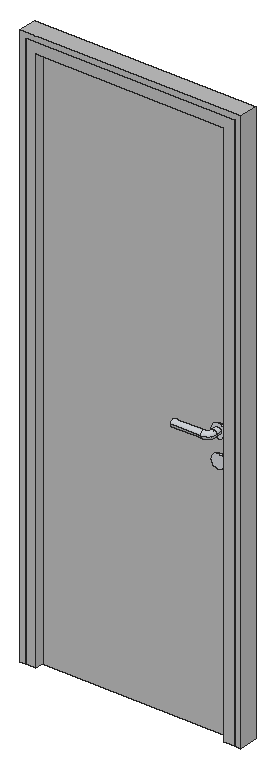
Revit family "BRU_Дверь_Однопольная_Стальная_Кл", category Двери, Revit 2021
Family settings
  Основа = Стена
  Номер OmniClass = 23.30.10.00
  Заголовок OmniClass = Doors
  Всегда вертикально = Да
  При загрузке вырезать с полостями = Нет
  Общий = Нет
  Точка принадлежности помещению = Нет
Parameters (values of type "ДСВ-О-Н 850х2100(h) Пр")
  Четверть сверху.Размер [instance] = 30 mm
  Четверть (есть/нет) [instance] = no
  Четверть сверху [instance] = if([Четверть (есть/нет)], Четверть сверху.Размер, 0 mm)  # 0 mm
  Четверть сбоку [instance] = if([Четверть (есть/нет)], Четверти сбоку.Размер, 0 mm)  # 0 mm
  Четверти сбоку.Размер [instance] = 30 mm
  Угол в плане 30 [instance] = yes
  Тонкая линия проема = yes
  Тип полотна двери = Полотно : Глухое
  Ручка двери = none
  Рама двери.Ширина справа = 80 mm
  Рама двери.Ширина слева = 80 mm
  Рама двери.Ширина внизу = 80 mm
  Рама двери.Ширина вверху = 80 mm
  Примерная_высота = Height - Монтажный зазор сверху.Толщина  # 2060 mm
  Полотно двери. Высота = Примерная_высота - Коробка.Ширина  # 2030 mm
  Площадь [instance] = Rough Width * Rough Height  # 1.5862 m²
  Откосы.Ширина [instance] = 530 mm
  Define Thermal Properties by = 1
  Fire Rating = ""
  О_Обозначение = ""
  О_Наименование = ""
  Монтажный зазор снизу.Толщина [instance] = 130 mm
  Монтажный зазор сверху.Толщина = 20 mm
  Коробка.Ширина = 30 mm
  Коробка.Толщина = 70 mm
  Правая = yes
  Полотно.Толщина = 40 mm
  Полотно двери = none
  Остекление двери = none
  Наличник.Ширина [instance] = 60 mm
  Наличник.Толщина [instance] = 10 mm
  Наличник снаружи (есть/нет) [instance] = no
  Наличник внутри (есть/нет) [instance] = no
  Монтажный зазор сбоку.Толщина = 20 mm
  Type Comments = ""
  Глубина выреза проема наружу [instance] = 200 mm
  Глубина выреза проема внутрь [instance] = 200 mm
  Глубина вставки двери [instance] = 0 mm
  Левая = not(Правая)  # no
  Защитное ограждение (есть/нет) = no
  Огибание наружных слоев [instance] = 0 mm
  Width = 810 mm
  Rough Width [instance] = Width - Монтажный зазор сбоку.Толщина * 2  # 770 mm
  Rough Height [instance] = Примерная_высота  # 2060 mm
  Группа модели = "Дверь глухая с порогом"
  Manufacturer = ""
  Wall Closure = (empty or 0)
  Height = 2080 mm
  Description = ""
  Тип конструкций = "Дверь стальная"
  Аналитическая конструкция = "<Нет>"
  BRU_ДверьТип = "BRU_Дверь_Однопольная_Стальная_Кладовки"
  ADSK_Этаж [instance] = ""
  ADSK_Толщина стены [instance] = 0 mm
  ADSK_Примечание [instance] = ""
  ADSK_Предел огнестойкости = "-"
  ADSK_Позиция [instance] = ""
  ADSK_Открывание = if(Правая, "Правая", "Левая")  # "Правая"
  ADSK_Обозначение = "ГОСТ 31173-2016"  # constant formula
  ADSK_Наименование краткое = ""
  ADSK_Наименование = "ДСВ-О-Н 850х2100(h)"
  ADSK_Масса_Текст = ""
  ADSK_Количество [instance] = 0
  ADSK_Код изделия = ""
  ADSK_Зона [instance] = ""
  ADSK_Завод-изготовитель = ""
  ADSK_Единица измерения = ""
  ADSK_Группирование [instance] = ""
  ADSK_URL страницы изделия = ""
  ADSK_URL документации изделия = ""
Types (2, lengths in mm): name | Правая | Левая | ADSK_Открывание
  ДСВ-О-Н 850х2100(h) Л | no | yes | "Левая"
  ДСВ-О-Н 850х2100(h) Пр | yes | no | "Правая"
Reference planes
  plane 1: y = 0
  plane 2 "По центру (Влево/Вправо)": x = 0
  plane 3 "Слева": x = -405
  plane 4 "Справа": x = 405
  plane 5: z = 2210
  plane 6 "Наружный": y = 300
  plane 7 "Внутренние": y = -300
  plane 8 "Вставка двери": y = 300
  plane 9 "Четверть слева": x = -405
  plane 10 "Четверть справа": x = 405
  plane 11 "Четверть сверху": z = 2210
  plane 12 "Полотно двери": y = 260
  plane 13 "Рама внутри": y = 230
  plane 14 "Монтажный зазор слева": x = -385
  plane 15 "Монтажный зазор справа": x = 385
  plane 16 "Монтажный зазор сверху": z = 2190
  plane 17 "Глубина огибания наружного слоя": y = 300
  plane 18: y = 310
  plane 19: x = 395
  plane 20: y = -310
  plane 21: x = -395
  plane 22: y = 500
  plane 23: y = -500
  plane 24 "2": z = 130
Forms (mm)
  Extrusion 1, void
    sketch origin (0, 0, 0) x (1, 0, 0) y (0, 1, 0)
      loop
        line (405, 300) -> (-405, 300) -> (-405, -500) -> (405, -500) -> (405, 300)
    from 0 to 2210
  Extrusion 2, void
    sketch origin (0, 0, 0) x (1, 0, 0) y (0, 1, 0)
      loop
        line (405, 500) -> (-405, 500) -> (-405, 300) -> (405, 300) -> (405, 500)
    from 0 to 2210
  Sweep 3, solid, material <- "Полотно двери", visible <- "Наличник снаружи (есть/нет)", detail levels fine
    path origin (0, 300, 0) x (1, 0, 0) y (0, 0, 1)
      loop
        line (-405, 130) -> (-405, 2210) -> (405, 2210) -> (405, 130)
    profile origin (-405, 300, 1170) x (-1, 0, 0) y (0, -1, 0)
      loop
        line (-10, 0) -> (-10, -5)
        arc (-10, -5) -> (-8.536, -8.536) -> (-5, -10) r 5
        line (-5, -10) -> (45, -10)
        arc (45, -10) -> (48.536, -8.536) -> (50, -5) r 5
        line (50, -5) -> (50, 0) -> (-10, 0)
  Sweep 4, solid, material <- "Полотно двери", visible <- "Наличник внутри (есть/нет)", detail levels fine
    path origin (0, -300, 0) x (1, 0, 0) y (0, 0, 1)
      loop
        line (-405, 130) -> (-405, 2210) -> (405, 2210) -> (405, 130)
    profile origin (-405, -300, 1170) x (-1, 0, 0) y (0, -1, 0)
      loop
        line (-20, 0) -> (40, 0) -> (40, 5)
        arc (40, 5) -> (38.536, 8.536) -> (35, 10) r 5
        line (35, 10) -> (-15, 10)
        arc (-15, 10) -> (-18.536, 8.536) -> (-20, 5) r 5
        line (-20, 5) -> (-20, 0)
  Sweep 5, solid, material <- "Полотно двери"
    path origin (0, 300, 0) x (-1, 0, 0) y (0, 0, 1)
      loop
        line (385, 130) -> (385, 2190) -> (-385, 2190) -> (-385, 130)
    profile origin (385, 300, 1160) x (0, 1, 0) y (-1, 0, 0)
      loop
        line (0, 0) -> (0, 30) -> (-40, 30) -> (-40, 40) -> (-70, 40) -> (-70, 0) -> (0, 0)
  Sweep 6, solid, material <- "Полотно двери", visible <- "Наличник снаружи (есть/нет)", detail levels fine
    path origin (0, 300, 0) x (-1, 0, 0) y (0, 0, 1)
      loop
        line (405, 130) -> (405, 2210) -> (-405, 2210) -> (-405, 130)
    profile origin (405, 300, 1170) x (0, 1, 0) y (-1, 0, 0)
      loop
        line (5, 0) -> (5, 10) -> (0, 10) -> (0, 0) -> (5, 0)
  Extrusion 7, solid, material <- "Полотно двери"
    sketch origin (-2514.822, 300, 1200) x (-1, 0, 0) y (0, 0, 1)
      loop
        line (-2919.822, 1010) -> (-2919.822, -1070) -> (-2898.822, -1070) -> (-2898.822, 989) -> (-2130.822, 989) -> (-2130.822, -1070) -> (-2109.822, -1070) -> (-2109.822, 1010) -> (-2919.822, 1010)
    from 0 to -70
Cuts and joins
  joined: Sweep 3, Sweep 6
Lines and regions (mm)
  Masking region 1, detail levels fine
    outline origin (0, 0, 0) x (0, 1, 0) y (0, 0, 1)
      loop
        line (230, 2150) -> (260, 2150) -> (260, 2160) -> (300, 2160) -> (300, 2190) -> (230, 2190) -> (230, 2150)
  Masking region 2, detail levels fine
    outline origin (0, 0, 0) x (0, 1, 0) y (0, 0, 1)
      loop
        line (300, 130) -> (300, 2160) -> (260, 2160) -> (260, 130) -> (300, 130)
  Masking region 3, detail levels fine
    outline origin (0, 0, 0) x (0, 1, 0) y (0, 0, 1)
      loop
        line (230, 2150) -> (230, 130) -> (260, 130) -> (260, 2150) -> (230, 2150)
  Masking region 4, detail levels coarse+medium
    outline origin (0, 0, 0) x (0, 1, 0) y (0, 0, 1)
      loop
        line (300, 130) -> (300, 2210) -> (230, 2210) -> (230, 130) -> (300, 130)
Text (mm)
  text "Наружный" at (-2295.016, 1099.543, 0), in view "Опорный уровень "
  text "Наружный" at (0, 1615.38, 3698.081), in view "Слева"
  text "Наружный" at (0, 1036.032, 3874.932), in view "Справа"
Dimensions and locks
  equal spacing: plane 14 "Монтажный зазор слева", plane 2 "По центру (Влево/Вправо)", plane 15 "Монтажный зазор справа"
  "Rough Width": plane 14 "Монтажный зазор слева" to plane 15 "Монтажный зазор справа"
  "Rough Height": plane 16 "Монтажный зазор сверху" to plane 24 "2"
  host wall to plane 5 = 2210 mm  (x2)
  locked: plane 6 "Наружный" to host wall
  locked: plane 7 "Внутренние" to host wall
  "Четверть сбоку": plane 3 "Слева" to plane 9 "Четверть слева"
  "Четверть сбоку": plane 10 "Четверть справа" to plane 4 "Справа"
  "Глубина вставки двери": plane 6 "Наружный" to plane 8 "Вставка двери"
  "Наличник.Ширина": Sweep 3 sketch curve to plane 21
  "Коробка.Толщина": plane 8 "Вставка двери" to plane 13 "Рама внутри"
  "Полотно.Толщина": plane 8 "Вставка двери" to plane 12 "Полотно двери"
  "Огибание наружных слоев": plane 6 "Наружный" to plane 17 "Глубина огибания наружного слоя"
  "Наличник.Ширина": Sweep 4 sketch curve to Sweep 4 sketch curve
  locked: Sweep 4 sketch curve to Sweep 4 sketch curve at 5  (x4)
  locked: Sweep 3 sketch curve to Sweep 3 sketch curve at 5
  "Коробка.Ширина": Sweep 5 sketch curve to profile plane
  locked: Sweep 5 sketch curve to Sweep 5 sketch curve at 10
  "Наличник.Толщина": plane 7 "Внутренние" to plane 20
  "Наличник.Толщина": plane 18 to plane 6 "Наружный"
  "Наличник.Толщина": plane 9 "Четверть слева" to plane 21
  "Наличник.Толщина": plane 19 to plane 10 "Четверть справа"
  locked: plane 18 to Sweep 3 sketch curve at 5  (x2)
  locked: Sweep 3 sketch curve to plane 21 at 5
  locked: plane 18 to Sweep 6 sketch curve at 5
  "Откосы.Ширина": plane 7 "Внутренние" to plane 13 "Рама внутри"
  equal spacing: plane 3 "Слева", plane 2 "По центру (Влево/Вправо)", plane 4 "Справа"
  "Width": plane 3 "Слева" to plane 4 "Справа"
  "Глубина выреза проема внутрь": plane 23 to plane 7 "Внутренние"
  "Глубина выреза проема наружу": plane 6 "Наружный" to plane 22
  locked: Extrusion 7 sketch curve to plane 15 "Монтажный зазор справа" at 1
  locked: Extrusion 7 sketch curve to plane 16 "Монтажный зазор сверху" at 1
  locked: plane 14 "Монтажный зазор слева" to Extrusion 7 sketch curve at 1
  "Монтажный зазор снизу.Толщина": level to plane 24 "2"
  "Монтажный зазор сверху.Толщина": plane 5 to plane 16 "Монтажный зазор сверху"
  "Четверть сверху": plane 5 to plane 11 "Четверть сверху"
  aligned and locked: plane 1 to host wall
  aligned and locked: plane 8 "Вставка двери" to Extrusion 1 sketch curve
  aligned and locked: plane 3 "Слева" to Extrusion 1 sketch curve
  aligned and locked: Extrusion 1 sketch curve to plane 4 "Справа"
  aligned and locked: Extrusion 1 to level
  aligned and locked: Extrusion 1 to plane 5
  aligned and locked: Extrusion 2 sketch curve to plane 8 "Вставка двери"
  aligned and locked: plane 10 "Четверть справа" to Extrusion 2 sketch curve
  aligned and locked: Extrusion 2 sketch curve to plane 9 "Четверть слева"
  aligned and locked: plane 11 "Четверть сверху" to Extrusion 2
  aligned and locked: plane 9 "Четверть слева" to Sweep 3 sketch curve
  aligned and locked: plane 11 "Четверть сверху" to Sweep 3 sketch curve
  aligned and locked: plane 10 "Четверть справа" to Sweep 3 sketch curve
  aligned and locked: Sweep 4 sketch curve to plane 3 "Слева"
  aligned and locked: Sweep 4 sketch curve to plane 5
  aligned and locked: Sweep 4 sketch curve to plane 4 "Справа"
  aligned and locked: Sweep 4 sketch curve to plane 7 "Внутренние"
  aligned and locked: Sweep 5 sketch curve to plane 15 "Монтажный зазор справа"
  aligned and locked: Sweep 5 sketch curve to plane 16 "Монтажный зазор сверху"
  aligned and locked: Sweep 5 sketch curve to plane 14 "Монтажный зазор слева"
  aligned and locked: profile plane to Sweep 5 sketch curve
  aligned and locked: plane 13 "Рама внутри" to Sweep 5 sketch curve
  aligned and locked: plane 8 "Вставка двери" to Sweep 5 sketch curve
  aligned and locked: plane 12 "Полотно двери" to Sweep 5 sketch curve
  aligned and locked: plane 12 "Полотно двери" to nested 1
  aligned and locked: nested 1 to plane 8 "Вставка двери"
  aligned and locked: Sweep 5 to nested 1
  aligned and locked: nested 1 to Sweep 5  (x2)
  aligned and locked: plane 2 "По центру (Влево/Вправо)" to nested 2
  aligned and locked: nested 2 to plane 8 "Вставка двери"
  aligned and locked: plane 12 "Полотно двери" to nested 2
  aligned and locked: plane 13 "Рама внутри" to nested 2
  aligned and locked: plane 2 "По центру (Влево/Вправо)" to nested 3
  aligned and locked: plane 8 "Вставка двери" to nested 3
  aligned and locked: nested 3 to plane 12 "Полотно двери"
  aligned and locked: nested 3 to plane 13 "Рама внутри"
  aligned and locked: Sweep 4 sketch curve to plane 14 "Монтажный зазор слева"
  aligned and locked: profile plane to Sweep 3 sketch curve
  aligned and locked: Sweep 6 sketch curve to plane 11 "Четверть сверху"
  aligned and locked: plane 10 "Четверть справа" to Sweep 6 sketch curve  (x2)
  aligned and locked: plane 9 "Четверть слева" to Sweep 6 sketch curve
  aligned and locked: plane 8 "Вставка двери" to Sweep 6 sketch curve
  aligned and locked: plane 20 to Sweep 4 sketch curve
  aligned and locked: plane 18 to Sweep 3 sketch curve
  aligned and locked: Sweep 6 sketch curve to plane 19
  aligned and locked: Masking region 1 sketch curve to Sweep 5  (x2)
  aligned and locked: plane 12 "Полотно двери" to Masking region 1 sketch curve
  aligned and locked: plane 13 "Рама внутри" to Masking region 1 sketch curve
  aligned and locked: plane 8 "Вставка двери" to Masking region 1 sketch curve
  aligned and locked: plane 16 "Монтажный зазор сверху" to Masking region 1 sketch curve
  aligned and locked: plane 8 "Вставка двери" to Masking region 2 sketch curve
  aligned and locked: plane 12 "Полотно двери" to Masking region 2 sketch curve
  aligned and locked: Masking region 2 sketch curve to Sweep 5
  aligned and locked: Masking region 3 sketch curve to Sweep 5
  aligned and locked: plane 13 "Рама внутри" to Masking region 3 sketch curve
  aligned and locked: plane 12 "Полотно двери" to Masking region 3 sketch curve
  aligned and locked: plane 8 "Вставка двери" to Masking region 4 sketch curve
  aligned and locked: plane 13 "Рама внутри" to Masking region 4 sketch curve
  aligned and locked: plane 5 to Masking region 4 sketch curve
  aligned and locked: Extrusion 7 sketch curve to plane 4 "Справа"
  aligned and locked: Extrusion 7 sketch curve to plane 3 "Слева"
  aligned and locked: Extrusion 7 sketch curve to plane 5
  aligned and locked: Extrusion 7 to plane 13 "Рама внутри"
  aligned and locked: plane 8 "Вставка двери" to Extrusion 7
  aligned and locked: plane 22 to Extrusion 2 sketch curve
  aligned and locked: Extrusion 1 sketch curve to plane 23
  aligned and locked: plane 24 "2" to Sweep 5 sketch curve  (x2)
  aligned and locked: plane 24 "2" to Sweep 3 sketch curve  (x2)
  aligned and locked: plane 24 "2" to Sweep 6 sketch curve  (x2)
  aligned and locked: plane 24 "2" to Sweep 4 sketch curve  (x2)
  aligned and locked: Extrusion 7 sketch curve to plane 24 "2"
  aligned and locked: plane 24 "2" to Extrusion 7 sketch curve
  aligned and locked: Masking region 4 sketch curve to plane 24 "2"
  aligned and locked: Masking region 3 sketch curve to plane 24 "2"
  aligned and locked: Masking region 2 sketch curve to plane 24 "2"
  aligned and locked: Extrusion 2 to level
  aligned and locked: host wall to level
Nested families
  nested 1: "Полотно" at (0, 300, 130), type <- "Тип полотна двери", Полотно двери.Высота <- "Полотно двери. Высота", type "Глухое"
    with Полотно двери.Ширина 710 mm, Полотно двери.Толщина 40 mm, Полотно двери.Высота 2030 mm
  nested 2: "Обозначение на плане" at (0, 300, 0), Ширина двери <- "Width", visible <- "Правая", Монтажный зазор <- "Монтажный зазор сбоку.Толщина", Ширина коробки <- "Коробка.Ширина", Толщина полотна двери <- "Полотно.Толщина", Толщина коробки <- "Коробка.Толщина", type "По-умолчанию"
    with Ширина полотна двери 710 mm, Ширина коробки 30 mm, Ширина двери 810 mm, Толщина полотна двери 40 mm, Толщина коробки 70 mm, Монтажный зазор 20 mm
  nested 3: "Обозначение на плане" at (0, 300, 0) x (-1, 0, 0) z (0, 0, 1), Ширина двери <- "Width", visible <- "Левая", Монтажный зазор <- "Монтажный зазор сбоку.Толщина", Ширина коробки <- "Коробка.Ширина", Толщина полотна двери <- "Полотно.Толщина", Толщина коробки <- "Коробка.Толщина", type "По-умолчанию"
    with Ширина полотна двери 710 mm, Ширина коробки 30 mm, Ширина двери 810 mm, Толщина полотна двери 40 mm, Толщина коробки 70 mm, Монтажный зазор 20 mm
Definition of nested family "Полотно"
  Parameters (values of type "Глухое")
    Ручка.Отступ от края = 50 mm
    Ручка.Высота расположения = 1000 mm
    Ручка двери = none
    Рама справа.Ширина = 150 mm
    Рама слева.Ширина = 150 mm
    Рама внизу.Ширина = 600 mm
    Рама вверху.Ширина = 150 mm
    Правая = yes
    Полотно остекленное = no
    Полотно двери.Ширина [instance] = 1000 mm
    Полотно двери.Толщина [instance] = 40 mm
    Полотно двери.Высота [instance] = 2100 mm
    Полотно двери = none
    Полотно глухое = yes
    Остекление двери = none
    Левая = not(Правая)  # no
    Защитные ограждения = no
    Analytic Construction = "<Нет>"
  Types (2, lengths in mm): name | Рама справа.Ширина | Рама слева.Ширина | Рама внизу.Ширина | Рама вверху.Ширина | Полотно остекленное | Полотно глухое
    Глухое | 150 | 150 | 600 | 150 | no | yes
    Остекленное | 80 | 80 | 80 | 80 | yes | no
  Reference planes
    plane 1 "Center (Front/Back)": y = 0
    plane 2: z = 0
    plane 3 "Center (Left/Right)": x = 0
    plane 4: x = -500
    plane 5: x = 500
    plane 6 "Back": y = -40
    plane 7: z = 2100
    plane 8 "Высота расположения ручки": z = 1000
    plane 9 "Отступ ручки справа": x = 450
    plane 10 "Отступ ручки слева": x = -450
    plane 11 "Остекление снаружи": y = -8
    plane 12 "Остекление внутри": y = -32
    plane 13 "Ширина рамы справа": x = -350
    plane 14 "Ширина рамы слева": x = 350
    plane 15 "Ширина рамы внизу": z = 600
    plane 16 "Ширина рамы вверху": z = 1950
    plane 17: z = 950
    plane 18: z = 800
    plane 19: z = 650
    plane 20: z = 1050
  Forms (mm)
    Extrusion 1, solid, material <- "Полотно двери", visible <- "Полотно глухое"
      sketch origin (0, 0, 0) x (1, 0, 0) y (0, 0, 1)
        loop
          line (-500, 2100) -> (-500, 0) -> (500, 0) -> (500, 2100) -> (-500, 2100)
      from 0 to 40 <- "Полотно двери.Толщина"
    Extrusion 2, solid, material <- "Полотно двери", visible <- "Полотно остекленное"
      sketch origin (0, 0, 0) x (1, 0, 0) y (0, 0, 1)
        loop
          line (-500, 2100) -> (-500, 0) -> (500, 0) -> (500, 2100) -> (-500, 2100)
        loop
          line (-350, 600) -> (350, 600) -> (350, 1950) -> (-350, 1950) -> (-350, 600)
      from 0 to 40
    Extrusion 3, solid, material <- "Остекление двери", visible <- "Полотно остекленное"
      sketch origin (-646.608, -8, 1200) x (-1, 0, 0) y (0, 0, 1)
        loop
          line (-296.608, 750) -> (-996.608, 750) -> (-996.608, -600) -> (-296.608, -600) -> (-296.608, 750)
      from 0 to -24
    Sweep 4, solid, material <- "Ручка двери", visible <- "Защитные ограждения", detail levels medium+fine
      path origin (-858.179, -1524, 950) x (-1, 0, 0) y (0, -1, 0)
        loop
          arc (-478.179, -1469) -> (-482.572, -1458.393) -> (-493.179, -1454) r 15
          line (-493.179, -1454) -> (-1223.179, -1454)
          arc (-1223.179, -1454) -> (-1233.785, -1458.393) -> (-1238.179, -1469) r 15
          line (-1238.179, -1469) -> (-1238.179, -1539)
          arc (-1238.179, -1539) -> (-1233.785, -1549.607) -> (-1223.179, -1554) r 15
          line (-1223.179, -1554) -> (-493.179, -1554)
          arc (-493.179, -1554) -> (-482.572, -1549.607) -> (-478.179, -1539) r 15
          line (-478.179, -1539) -> (-478.179, -1469)
      profile origin (-380, -20, 950) x (-1, 0, 0) y (0, 0, 1)
        loop
          circle (0, 0) r 10
    Sweep 5, solid, material <- "Ручка двери", visible <- "Защитные ограждения", detail levels medium+fine
      path origin (-858.179, -1524, 800) x (-1, 0, 0) y (0, -1, 0)
        loop
          arc (-478.179, -1469) -> (-482.572, -1458.393) -> (-493.179, -1454) r 15
          line (-493.179, -1454) -> (-1223.179, -1454)
          arc (-1223.179, -1454) -> (-1233.785, -1458.393) -> (-1238.179, -1469) r 15
          line (-1238.179, -1469) -> (-1238.179, -1539)
          arc (-1238.179, -1539) -> (-1233.785, -1549.607) -> (-1223.179, -1554) r 15
          line (-1223.179, -1554) -> (-493.179, -1554)
          arc (-493.179, -1554) -> (-482.572, -1549.607) -> (-478.179, -1539) r 15
          line (-478.179, -1539) -> (-478.179, -1469)
      profile origin (-380, -20, 800) x (-1, 0, 0) y (0, 0, 1)
        loop
          circle (0, 0) r 10
    Sweep 6, solid, material <- "Ручка двери", visible <- "Защитные ограждения", detail levels medium+fine
      path origin (-858.179, -1524, 650) x (-1, 0, 0) y (0, -1, 0)
        loop
          arc (-478.179, -1469) -> (-482.572, -1458.393) -> (-493.179, -1454) r 15
          line (-493.179, -1454) -> (-1223.179, -1454)
          arc (-1223.179, -1454) -> (-1233.785, -1458.393) -> (-1238.179, -1469) r 15
          line (-1238.179, -1469) -> (-1238.179, -1539)
          arc (-1238.179, -1539) -> (-1233.785, -1549.607) -> (-1223.179, -1554) r 15
          line (-1223.179, -1554) -> (-493.179, -1554)
          arc (-493.179, -1554) -> (-482.572, -1549.607) -> (-478.179, -1539) r 15
          line (-478.179, -1539) -> (-478.179, -1469)
      profile origin (-380, -20, 650) x (-1, 0, 0) y (0, 0, 1)
        loop
          circle (0, 0) r 10
  Lines and regions (mm)
    symbolic lines, visible <- "Правая", detail levels medium
      curve 1: line (-500, 0, 0) -> (500, 0, 1050)
      curve 2: line (500, 0, 1050) -> (-500, 0, 2100)
    symbolic lines, visible <- "Левая", detail levels medium
      curve 3: line (500, 0, 0) -> (-500, 0, 1050)
      curve 4: line (-500, 0, 1050) -> (500, 0, 2100)
  Dimensions and locks
    "Полотно двери.Толщина": plane 1 "Center (Front/Back)" to plane 6 "Back"
    equal spacing: plane 4, plane 3 "Center (Left/Right)", plane 5
    "Полотно двери.Ширина": plane 4 to plane 5
    "Полотно двери.Высота": plane 7 to plane 2
    "Ручка.Высота расположения": plane 8 "Высота расположения ручки" to level
    "Ручка.Отступ от края": plane 5 to plane 9 "Отступ ручки справа"
    "Ручка.Отступ от края": plane 10 "Отступ ручки слева" to plane 4
    locked: plane 12 "Остекление внутри" to plane 6 "Back" at 8
    locked: plane 1 "Center (Front/Back)" to plane 11 "Остекление снаружи" at 8
    "Рама вверху.Ширина": plane 7 to plane 16 "Ширина рамы вверху"
    "Рама внизу.Ширина": plane 15 "Ширина рамы внизу" to plane 2
    "Рама справа.Ширина": plane 5 to plane 14 "Ширина рамы слева"
    "Рама слева.Ширина": plane 13 "Ширина рамы справа" to plane 4
    locked: plane 17 to plane 2 at 950
    plane 17 to plane 18 to plane 19 = 150 mm locked, 150 mm locked
    locked: plane 1 "Center (Front/Back)" to Sweep 4 sketch curve at 30
    locked: Sweep 4 sketch curve to profile plane at 0
    locked: profile plane to Sweep 4 sketch curve at 0
    locked: Sweep 4 sketch curve to plane 6 "Back" at 30
    locked: Sweep 5 sketch curve to profile plane at 0
    locked: profile plane to Sweep 5 sketch curve at 0
    locked: Sweep 5 sketch curve to plane 6 "Back" at 30
    locked: plane 1 "Center (Front/Back)" to Sweep 5 sketch curve at 30
    locked: Sweep 6 sketch curve to profile plane at 0
    locked: profile plane to Sweep 6 sketch curve at 0
    locked: Sweep 6 sketch curve to plane 6 "Back" at 30
    locked: plane 1 "Center (Front/Back)" to Sweep 6 sketch curve at 30
    equal spacing: plane 7, plane 20, plane 2
    locked: Sweep 4 sketch curve to plane 13 "Ширина рамы справа" at 30
    locked: plane 14 "Ширина рамы слева" to Sweep 4 sketch curve at 30
    locked: plane 14 "Ширина рамы слева" to Sweep 5 sketch curve at 30
    locked: Sweep 5 sketch curve to plane 13 "Ширина рамы справа" at 30
    locked: Sweep 6 sketch curve to plane 13 "Ширина рамы справа" at 30
    locked: plane 14 "Ширина рамы слева" to Sweep 6 sketch curve at 30
    locked: Sweep 4 sketch curve to Sweep 4 sketch curve at 15  (x8)
    locked: Sweep 5 sketch curve to Sweep 5 sketch curve at 15  (x8)
    locked: Sweep 6 sketch curve to Sweep 6 sketch curve at 15  (x8)
    aligned and locked: level to plane 2
    aligned and locked: Extrusion 1 sketch curve to plane 7
    aligned and locked: plane 4 to Extrusion 1 sketch curve
    aligned and locked: plane 2 to Extrusion 1 sketch curve
    aligned and locked: Extrusion 1 sketch curve to plane 5
    aligned and locked: Extrusion 1 to plane 1 "Center (Front/Back)"
    aligned and locked: Extrusion 1 to plane 6 "Back"
    aligned and locked: nested 1 to plane 10 "Отступ ручки слева"
    aligned and locked: plane 1 "Center (Front/Back)" to nested 1
    aligned and locked: plane 6 "Back" to nested 1
    aligned and locked: plane 8 "Высота расположения ручки" to nested 1
    aligned and locked: nested 2 to plane 1 "Center (Front/Back)"
    aligned and locked: nested 2 to plane 6 "Back"
    aligned and locked: nested 2 to plane 9 "Отступ ручки справа"
    aligned and locked: nested 2 to plane 8 "Высота расположения ручки"
    aligned and locked: Extrusion 2 sketch curve to plane 4
    aligned and locked: Extrusion 2 sketch curve to plane 5
    aligned and locked: Extrusion 2 sketch curve to plane 7
    aligned and locked: Extrusion 2 sketch curve to plane 2
    aligned and locked: Extrusion 2 sketch curve to plane 15 "Ширина рамы внизу"
    aligned and locked: Extrusion 2 sketch curve to plane 13 "Ширина рамы справа"
    aligned and locked: Extrusion 2 sketch curve to plane 14 "Ширина рамы слева"
    aligned and locked: Extrusion 2 sketch curve to plane 16 "Ширина рамы вверху"
    aligned and locked: Extrusion 2 to plane 1 "Center (Front/Back)"
    aligned and locked: Extrusion 2 to plane 6 "Back"
    aligned and locked: plane 13 "Ширина рамы справа" to Extrusion 3 sketch curve
    aligned and locked: plane 14 "Ширина рамы слева" to Extrusion 3 sketch curve
    aligned and locked: plane 16 "Ширина рамы вверху" to Extrusion 3 sketch curve
    aligned and locked: plane 15 "Ширина рамы внизу" to Extrusion 3 sketch curve
    aligned and locked: Extrusion 3 to plane 11 "Остекление снаружи"
    aligned and locked: Extrusion 3 to plane 12 "Остекление внутри"
    aligned and locked: plane 4 to curve 1
    aligned and locked: plane 2 to curve 1
    aligned and locked: plane 5 to curve 2
    aligned and locked: plane 20 to curve 1
    aligned and locked: plane 7 to Extrusion 2
    aligned and locked: plane 4 to Extrusion 2
  Automatic sketch dimensions
    curve 3 to plane 4 = 0 mm
    curve 2 to plane 4 = 0 mm
    curve 3 to level = 0 mm
    curve 3 to plane 5 = 0 mm
    curve 4 to plane 5 = 0 mm
    curve 4 to plane 20 = 0 mm
    curve 4 to plane 7 = 0 mm
    curve 2 to plane 7 = 0 mm
    radius of Sweep 4 sketch curve = 10 mm
    radius of Sweep 5 sketch curve = 10 mm
    radius of Sweep 6 sketch curve = 10 mm
  Nested families
    nested 1: "Дверная ручка" at (-450, 0, 1000), visible <- "Левая", Полотно двери.Толщина <- "Полотно двери.Толщина", type "Дверная ручка", detail levels fine
      with Полотно двери.Толщина 40 mm
    nested 2: "Дверная ручка" at (450, 0, 1000) x (-1, 0, 0) z (0, 0, 1), visible <- "Правая", Полотно двери.Толщина <- "Полотно двери.Толщина", type "Дверная ручка", detail levels fine
      with Полотно двери.Толщина 40 mm
  Definition of nested family "Дверная ручка"
    Parameters (values of type "Дверная ручка")
      Полотно двери.Толщина [instance] = 40 mm
      Дверная ручка = none
      Analytic Construction = "<Нет>"
    Reference planes
      plane 1 "Center (Front/Back)": y = 0
      plane 2: z = 0
      plane 3 "Center (Left/Right)": x = 0
      plane 4: y = -40
      plane 5: z = -100
    Forms (mm)
      Sweep 1, solid, material <- "Дверная ручка", detail levels medium+fine
        path origin (0, 0, 0) x (1, 0, 0) y (0, 1, 0)
          loop
            line (130, 50) -> (20, 50)
            arc (20, 50) -> (5.858, 44.142) -> (0, 30) r 20
            line (0, 30) -> (0, -70)
            arc (0, -70) -> (5.858, -84.142) -> (20, -90) r 20
            line (20, -90) -> (130, -90)
        profile origin (0, -20, 0) x (1, 0, 0) y (0, 0, 1)
          loop
            circle (0, 0) r 12
      Extrusion 2, solid, material <- "Дверная ручка", detail levels medium+fine
        sketch origin (-2000, -40, 1200) x (-1, 0, 0) y (0, 0, 1)
          loop
            circle (-2000, -1200) r 25
        from 48 to -8
      Extrusion 3, solid, material <- "Дверная ручка", detail levels medium+fine
        sketch origin (-2000, -40, 1100) x (-1, 0, 0) y (0, 0, 1)
          loop
            circle (-2000, -1200) r 25
        from 48 to -8
    Cuts and joins
      joined: Sweep 1, Extrusion 2
    Dimensions and locks
      "Полотно двери.Толщина": plane 1 "Center (Front/Back)" to plane 4
      locked: Sweep 1 sketch curve to plane 4 at 50
      locked: plane 1 "Center (Front/Back)" to Sweep 1 sketch curve at 50
      locked: plane 4 to Sweep 1 sketch curve at 30
      locked: plane 1 "Center (Front/Back)" to Sweep 1 sketch curve at 30
      locked: plane 3 "Center (Left/Right)" to Sweep 1 sketch curve at 20  (x2)
      locked: plane 4 to Extrusion 2 at 8
      locked: Extrusion 3 sketch curve to plane 5 at 0
      locked: plane 3 "Center (Left/Right)" to Extrusion 3 sketch curve at 0
      locked: plane 1 "Center (Front/Back)" to cut or joined group of Sweep 1, Extrusion 2 at 8
      locked: Extrusion 3 to plane 1 "Center (Front/Back)" at 8
      aligned and locked: level to plane 2
      aligned and locked: Sweep 1 sketch curve to plane 3 "Center (Left/Right)"
    Automatic sketch dimensions
      Sweep 1 sketch curve to Sweep 1 sketch curve = 110 mm  (x2)
      Sweep 1 sketch curve to level = 0 mm
      profile plane to Sweep 1 sketch curve = 0 mm
      Extrusion 2 sketch curve to level = 0 mm
      Extrusion 2 sketch curve to plane 3 "Center (Left/Right)" = 0 mm
      radius of Sweep 1 sketch curve = 12 mm
      radius of Extrusion 2 sketch curve = 25 mm
      radius of Extrusion 3 sketch curve = 25 mm
Definition of nested family "Обозначение на плане"
  Parameters (values of type "По-умолчанию")
    Ширина полотна двери [instance] = Ширина двери - 60 mm - Монтажный зазор * 2  # 600 mm
    Ширина коробки [instance] = 30 mm
    Ширина двери [instance] = 700 mm
    Толщина полотна двери [instance] = 40 mm
    Толщина коробки [instance] = 80 mm
    Открывание двери.30° = yes
    Открывание двери.90° = not(Открывание двери.30°)  # no
    Монтажный зазор [instance] = 20 mm
    Линия открывания.Дуга = not(Открывание двери.30°)  # no
  Reference planes
    plane 1 "Center (Front/Back)": y = 0
    plane 2: z = 0
    plane 3 "Center (Left/Right)": x = 0
    plane 4: x = -350
    plane 5: x = 350
    plane 6 "Толщина коробки": y = -80
    plane 7 "Толщина полотна": y = -40
    plane 8: x = -330
    plane 9: x = 330
    plane 10: x = -300
    plane 11: x = 300
  Lines and regions (mm)
    Masking region 1, in view "Ref. Level", visible <- "Открывание двери.30°", detail levels fine
      outline origin (0, 0, 0) x (1, 0, 0) y (0, 1, 0)
        loop
          line (-300, 0) -> (-280, -34.641) -> (239.615, 265.359) -> (219.615, 300) -> (-300, 0)
    Masking region 2, in view "Ref. Level", visible <- "Открывание двери.90°", detail levels fine
      outline origin (0, 140, 0) x (1, 0, 0) y (0, 1, 0)
        loop
          line (-300, -140) -> (-260, -140) -> (-260, 460) -> (-300, 460) -> (-300, -140)
    Masking region 3, in view "Ref. Level", detail levels fine
      outline origin (0, 0, 0) x (1, 0, 0) y (0, 1, 0)
        loop
          line (-330, 0) -> (-350, 0) -> (-350, -80) -> (-330, -80) -> (-330, 0)
    Masking region 4, in view "Ref. Level", detail levels fine
      outline origin (0, 0, 0) x (1, 0, 0) y (0, 1, 0)
        loop
          line (-330, 0) -> (-330, -80) -> (-290, -80) -> (-290, -40) -> (-300, -40) -> (-300, 0) -> (-330, 0)
    Masking region 5, in view "Ref. Level", detail levels fine
      outline origin (0, 0, 0) x (1, 0, 0) y (0, 1, 0)
        loop
          line (330, 0) -> (330, -80) -> (350, -80) -> (350, 0) -> (330, 0)
    Masking region 6, in view "Ref. Level", detail levels fine
      outline origin (0, 0, 0) x (1, 0, 0) y (0, 1, 0)
        loop
          line (330, 0) -> (300, 0) -> (300, -40) -> (290, -40) -> (290, -80) -> (330, -80) -> (330, 0)
    Masking region 7, in view "Ref. Level", visible <- "Открывание двери.90°", detail levels fine
      outline origin (0, 140, 0) x (1, 0, 0) y (0, 1, 0)
        loop
          line (-300, -140) -> (-260, -140) -> (-260, 460) -> (-300, 460) -> (-300, -140)
    detail lines, in view "Ref. Level", visible <- "Открывание двери.90°", detail levels coarse+medium
      curve 1: line (-350, 0, 0) -> (-350, 700, 0)
    detail lines, in view "Ref. Level", visible <- "Линия открывания.Дуга", detail levels coarse+medium
      curve 2: arc (350, 0, 0) -> (144.975, 494.975, 0) -> (-350, 700, 0) r 700
    detail lines, in view "Ref. Level", visible <- "Открывание двери.30°", detail levels coarse+medium
      curve 3: line (-350, 0, 0) -> (256.218, 350, 0)
    detail lines, in view "Ref. Level", visible <- "Линия открывания.Дуга", detail levels fine
      curve 4: arc (300, 0, 0) -> (138.178, 409.878, 0) -> (-260, 598.665, 0) r 600
    detail lines, in view "Ref. Level", visible <- "Открывание двери.30°", detail levels fine
      curve 5: arc (300, 0, 0) -> (284.107, 137.181, 0) -> (237.271, 267.096, 0) r 600
  Dimensions and locks
    equal spacing: plane 4, plane 3 "Center (Left/Right)", plane 5
    "Ширина двери": plane 4 to plane 5
    "Ширина двери": plane 1 "Center (Front/Back)" to curve 1
    "Ширина двери": curve 3 to curve 3
    "Толщина полотна двери": plane 1 "Center (Front/Back)" to plane 7 "Толщина полотна"
    "Толщина коробки": plane 1 "Center (Front/Back)" to plane 6 "Толщина коробки"
    "Монтажный зазор": plane 4 to plane 8
    "Монтажный зазор": plane 9 to plane 5
    "Ширина полотна двери": Masking region 1 sketch curve to Masking region 1 sketch curve
    "Ширина полотна двери": Masking region 2 sketch curve to Masking region 2 sketch curve
    "Толщина полотна двери": Masking region 2 sketch curve to Masking region 2 sketch curve
    "Ширина коробки": plane 8 to plane 10
    "Ширина коробки": plane 11 to plane 9
    locked: plane 10 to Masking region 4 sketch curve at 10
    locked: Masking region 6 sketch curve to plane 11 at 10
    "Ширина полотна двери": Masking region 7 sketch curve to Masking region 7 sketch curve
    "Толщина полотна двери": Masking region 7 sketch curve to Masking region 7 sketch curve
    "Ширина полотна двери": radius of curve 4
    "Ширина полотна двери": radius of curve 5
    locked: plane 1 "Center (Front/Back)" to curve 3 (angle 30.00°)
    locked: plane 1 "Center (Front/Back)" to Masking region 1 sketch curve (angle 30.00°)  (x2)
    aligned and locked: plane 1 "Center (Front/Back)" to curve 1
    aligned and locked: plane 1 "Center (Front/Back)" to curve 2
    aligned and locked: plane 4 to curve 3
    aligned and locked: plane 1 "Center (Front/Back)" to Masking region 1 sketch curve
    aligned and locked: Masking region 2 sketch curve to plane 1 "Center (Front/Back)"
    aligned and locked: Masking region 3 sketch curve to plane 8
    aligned and locked: Masking region 3 sketch curve to plane 4
    aligned and locked: Masking region 3 sketch curve to plane 6 "Толщина коробки"
    aligned and locked: Masking region 3 sketch curve to plane 1 "Center (Front/Back)"
    aligned and locked: Masking region 4 sketch curve to plane 8
    aligned and locked: Masking region 4 sketch curve to plane 10
    aligned and locked: Masking region 4 sketch curve to plane 6 "Толщина коробки"
    aligned and locked: Masking region 4 sketch curve to plane 7 "Толщина полотна"
    aligned and locked: Masking region 4 sketch curve to plane 1 "Center (Front/Back)"
    aligned and locked: plane 1 "Center (Front/Back)" to Masking region 5 sketch curve
    aligned and locked: plane 9 to Masking region 5 sketch curve
    aligned and locked: plane 6 "Толщина коробки" to Masking region 5 sketch curve
    aligned and locked: Masking region 5 sketch curve to plane 5
    aligned and locked: Masking region 6 sketch curve to plane 9
    aligned and locked: Masking region 6 sketch curve to plane 11
    aligned and locked: Masking region 6 sketch curve to plane 1 "Center (Front/Back)"
    aligned and locked: Masking region 6 sketch curve to plane 7 "Толщина полотна"
    aligned and locked: Masking region 6 sketch curve to plane 6 "Толщина коробки"
  Automatic sketch dimensions
    curve 4 to curve 5 = 0 mm  (x2)
    plane 1 "Center (Front/Back)" to curve 4 = 0 mm
    curve 4 to plane 10 = 0 mm
    plane 10 to curve 4 = 40 mm
    curve 5 to plane 11 = 62.729 mm
    Masking region 1 sketch curve to plane 10 = 0 mm
    plane 7 "Толщина полотна" to Masking region 1 sketch curve = 5.359 mm
    Masking region 2 sketch curve to plane 10 = 0 mm
    Masking region 7 sketch curve to plane 10 = 0 mm
    plane 1 "Center (Front/Back)" to Masking region 7 sketch curve = 0 mm
